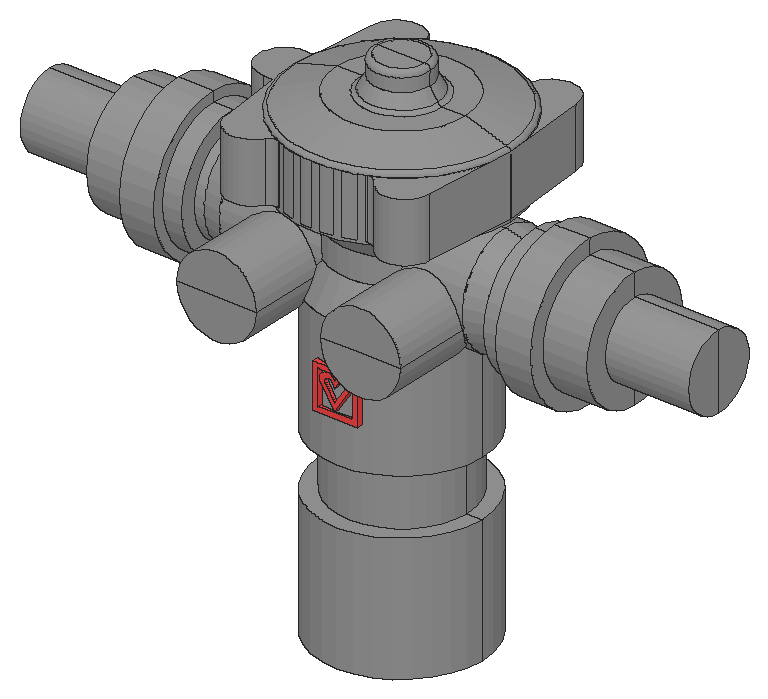
Revit family "Pressure independent control valve 4006_R_SMART_LF_MF", category Rohrzubehör, Revit 2018
Family settings
  Bemaßung runder Anschluss = Durchmesser verwenden
  Teiletyp = Unterbricht
  OmniClass-Nummer = 23.65.55.14
  OmniClass-Titel = Valves for Liquid Services
  Arbeitsebenenbasiert = Nein
  Immer vertikal = Ja
  Beim Laden mit Abzugskörper schneiden = Nein
  Gemeinsam genutzt = Nein
Parameters (values of type "LF")
  min. Operating temperature (pure water) = 2 °C  # constant formula
  min. Operating temperature (frost protection) = -20 °C  # constant formula
  max. Operating temperature up to DN32 = 130 °C  # constant formula
  max. Operating temperature from DN40 = 110 °C  # constant formula
  max. Operating pressure = 1600000.0 Pa  # constant formula
  VRL01 = 30.000 mm  # constant formula
  V12 = 17.000 mm  # constant formula
  V10 = 7.000 mm  # constant formula
  V09 [instance] = L06 + 4.000 mm  # 11.000 mm
  V04 [instance] = V08 + 3.000 mm  # 13.000 mm
  V03 [instance] = V08 + 5.000 mm  # 15.000 mm
  V02 [instance] = V01 + 4.500 mm  # 12.000 mm
  V01 [instance] = Nennweite / 2  # 7.500 mm
  URL = "www.herzvalves.com/"
  S09 = 10.000 mm
  S08 = 30.000 mm
  Pin = "stainless steel 14301"  # constant formula
  SCRNSEQ = "ARM;ARM_TYP=\"DURR\";2"
  SCRNCODE = "05;04;02"  # constant formula
  S07 [instance] = H03 + 3.700 mm  # 10.051 mm
  S04 [instance] = V03 * 2  # 30.000 mm
  S01 [instance] = L01 + L02 + (VRL01 * 2)  # 135.000 mm
  R17 [instance] = size_lookup("4006R_S_LF_MF", "R17", 12.500 mm, Nennweite)  # 12.500 mm
  R16 [instance] = size_lookup("4006R_S_LF_MF", "R16", 16.500 mm, Nennweite)  # 16.500 mm
  R15 = 7.225 mm  # constant formula
  R14 = 8.070 mm  # constant formula
  R13 = 3.496 mm  # constant formula
  R12 = 6.800 mm  # constant formula
  R11 = 9.620 mm  # constant formula
  R10 = 6.800 mm  # constant formula
  R09 = 16.292 mm  # constant formula
  R08 = 13.212 mm  # constant formula
  R07 = 18.816 mm  # constant formula
  R06 = 22.000 mm  # constant formula
  R05 = 12.954 mm  # constant formula
  R04 = 7.193 mm  # constant formula
  R03 = 5.755 mm  # constant formula
  R02 = 4.670 mm  # constant formula
  R01 [instance] = size_lookup("4006R_S_LF_MF", "R01", 11.000 mm, Nennweite)  # 11.000 mm
  PN = 16  # constant formula
  O-Rings = "EPDM"  # constant formula
  V08 [instance] = size_lookup("4006R_S_LF_MF", "N2", 10.000 mm, Nennweite)  # 10.000 mm
  Nennweite/2 [instance] = size_lookup("4006R_S_LF_MF", "N1", 8.000 mm, Nennweite)  # 9.000 mm
  Nennweite [instance] = 15.000 mm
  Membrane housing = "brass CW602N"  # constant formula
  Membrane = "EPDM"  # constant formula
  Medium = "water purity in accordance with the ÖNORM H5195 and VDI2035 standards\r\nthe use of ethylene and propylene glycol in a mixture ratio of 25 - 50% by volume [%] is permitted."
  MF [instance] = no
  Lift = 4.000 mm  # constant formula
  LF [instance] = yes
  L15 [instance] = size_lookup("4006R_S_LF_MF", "L15", 3.300 mm, Nennweite)  # 3.300 mm
  L14 [instance] = size_lookup("4006R_S_LF_MF", "L14", 43.477 mm, Nennweite)  # 43.477 mm
  L13 [instance] = size_lookup("4006R_S_LF_MF", "L13", 32.232 mm, Nennweite)  # 32.232 mm
  L12 [instance] = size_lookup("4006R_S_LF_MF", "L12", 6.497 mm, Nennweite)  # 6.497 mm
  L11 [instance] = size_lookup("4006R_S_LF_MF", "L11", 5.418 mm, Nennweite)  # 5.418 mm
  L10 [instance] = size_lookup("4006R_S_LF_MF", "L10", 12.434 mm, Nennweite)  # 12.434 mm
  L09 [instance] = size_lookup("4006R_S_LF_MF", "L09", 24.943 mm, Nennweite)  # 24.943 mm
  L08 [instance] = size_lookup("4006R_S_LF_MF", "L08", 28.260 mm, Nennweite)  # 28.260 mm
  L07 [instance] = size_lookup("4006R_S_LF_MF", "L07", 33.915 mm, Nennweite)  # 33.915 mm
  L06 = 7.000 mm  # constant formula
  L05 = 9.000 mm  # constant formula
  L04 = 21.000 mm  # constant formula
  L03 = 28.000 mm  # constant formula
  L02 = 34.000 mm  # constant formula
  L01 = 41.000 mm  # constant formula
  Capillary pipe = "copper Cu-DHP (CW024A)"  # constant formula
  Hersteller = "Herz-Armaturen GmbH"  # constant formula
  H04 = 12.000 mm  # constant formula
  H03 = 6.351 mm  # constant formula
  H02 [instance] = size_lookup("4006R_S_LF_MF", "H2", 69.000 mm, Nennweite)  # 69.000 mm
  H01 [instance] = size_lookup("4006R_S_LF_MF", "H1", 35.000 mm, Nennweite)  # 35.000 mm
  H [instance] = 112.553 mm  # constant formula
  Housing = "DZR brass CC770S"  # constant formula
  E20 = 108.221 mm  # constant formula
  E19 = 5.000 mm  # constant formula
  E18 = 5.150 mm  # constant formula
  E17 = 28.850 mm  # constant formula
  E16 = 23.700 mm  # constant formula
  E15 = 21.877 mm  # constant formula
  E14 = 20.506 mm  # constant formula
  E13 = 11.063 mm  # constant formula
  E12 = 9.001 mm  # constant formula
  E11 = 10.700 mm  # constant formula
  E10 = 20.427 mm  # constant formula
  E09 = 20.075 mm  # constant formula
  E08 = 20.825 mm  # constant formula
  E07 = 5.150 mm  # constant formula
  E06 = 17.921 mm  # constant formula
  E05 = 20.519 mm  # constant formula
  E04 = 19.704 mm  # constant formula
  E03 = 18.385 mm  # constant formula
  E02 = 20.014 mm  # constant formula
  E01 = 23.000 mm  # constant formula
  Spring = "spring steel"  # constant formula
  Bestellnummer Verschraubung [instance] = if(and(LF, Nennweite = 15.000 mm), 1621011, if(and(MF, Nennweite = 15.000 mm), 1621002, 0))  # 1621011
  Bestellnummer [instance] = if(and(LF, Nennweite = 15.000 mm), 1400660, if(and(MF, Nennweite = 15.000 mm), 1400669, 0))  # 1400660
  Protective cap = "plastic"  # constant formula
  B09 = 7.998 mm  # constant formula
  B08 = 26.000 mm  # constant formula
  B07 = 30.908 mm  # constant formula
  B06 = 39.471 mm  # constant formula
  B05 = 40.933 mm  # constant formula
  B04 = 41.901 mm  # constant formula
  B03 = 44.372 mm  # constant formula
  B02 = 45.400 mm  # constant formula
  B01 = 50.000 mm  # constant formula
  Application = "the Pressure Independent Balancing Control Valve (PIBCV) is used in all heating and cooling systems with circulation pumps.\r\nthe valve automatically maintains flow to the required part of the system at the set rate by measuring and immediately adjusting to any variation in pressure.\r\nno additional measurements are necessary and the correct flow rate is achieved at all operating conditions.\r\nthe diaphragm responds to the pressure upstream and downstream of the regulating valve (via an internal impulse line).\r\nthe valve settings directly affect the volumetric flow through the valve.\r\nit is thus possible to set the maximum flow rate based on the flow chart when the valve is fitted.\r\nthis allows for the balancing of heating circuits, cooling water systems, ceiling cooling and heating panels, air heaters, etc. without any need to first assess the pressure variations in the system.\r\nthe valve‘s principal application is as a control valve for terminal units."
Types (3, lengths in mm): name | URL | MF | LF | Bestellnummer Verschraubung | Bestellnummer
  (no name) | "www.herzvalves.com/" | no | yes | 1621011 | 1400660
  LF | "www.herzvalves.com/" | no | yes | 1621011 | 1400660
  MF | "http://www.herzvalves.com/" | yes | no | 1621002 | 1400669
Reference planes
  plane 1 "Mitte (Vorne/hinten)": y = 0
  plane 2: z = 0
  plane 3 "Mitte (Links/rechts)": x = 0
Forms (mm)
  Revolve 1, solid, material "Messing, weicher Gelbton, geschweißt", detail levels fine
    sketch origin (0, 0, 0) x (1, 0, 0) y (0, 0, 1)
      loop
        line (-41, 9) -> (-34, 9) -> (-34, 0) -> (27, 0) -> (27, 9) -> (34, 9) -> (34, 10) -> (25, 10) -> (21, 11) -> (-28, 11) -> (-32, 10) -> (-41, 10) -> (-41, 9)
      axis (-41, 0) -> (34, 0)
    angle from 0 to 360
  Revolve 2, solid, material "Messing, weicher Gelbton, geschweißt", detail levels fine
    sketch origin (0, 0, 0) x (1, 0, 0) y (0, 0, 1)
      loop
        line (0, -69) -> (16.292, -69) -> (16.292, -43.477) -> (13.212, -43.477) -> (13.212, -32.232) -> (16.292, -32.232) -> (16.292, -6.497) -> (13.212, 0.106) -> (13.212, 5.418) -> (18.816, 12.434) -> (22, 12.434) -> (22, 24.943)
        arc (22, 24.943) -> (21.752, 25.523) -> (21.223, 25.866) r 1.085
        line (21.223, 25.866) -> (12.954, 28.26) -> (8.134, 28.26)
        arc (8.134, 28.26) -> (7.591, 28.406) -> (7.193, 28.803) r 1.086
        line (7.193, 28.803) -> (5.755, 31.294) -> (5.755, 33.915)
        arc (5.755, 33.915) -> (5.437, 34.682) -> (4.67, 35) r 1.085
        line (4.67, 35) -> (0, 35) -> (0, -69)
      axis (0, 35) -> (0, -69)
    angle from 0 to 360
  Extrusion 3, solid, material "Messing, weicher Gelbton, geschweißt", detail levels fine
    sketch origin (0, 0, 28.917) x (1, 0, 0) y (0, 1, 0)
      loop
        arc (-20.506, 17.921) -> (-21.381, 11.556) -> (-21.877, 5.15) r 108.259
        line (-21.877, 5.15) -> (-23.7, 5.15)
        arc (-23.7, 5.15) -> (-27.342, 3.642) -> (-28.85, 0) r 5.15
        arc (-28.85, 0) -> (-27.342, -3.642) -> (-23.7, -5.15) r 5.15
        line (-23.7, -5.15) -> (-21.877, -5.15)
        arc (-21.877, -5.15) -> (-21.356, -11.79) -> (-20.427, -18.385) r 108.259
        arc (-20.427, -18.385) -> (-16.688, -23.223) -> (-11.063, -20.825) r 5
        arc (-11.063, -20.825) -> (-10.143, -20.146) -> (-9.001, -20.075) r 2.019
        arc (-9.001, -20.075) -> (0, -22.001) -> (9.001, -20.075) r 22.001
        arc (9.001, -20.075) -> (10.143, -20.145) -> (11.063, -20.825) r 2.019
        arc (11.063, -20.825) -> (16.688, -23.223) -> (20.427, -18.385) r 5
        arc (20.427, -18.385) -> (22, 0) -> (20.427, 18.385) r 108.221
        arc (20.427, 18.385) -> (16.253, 23.316) -> (10.7, 20.014) r 5
        arc (10.7, 20.014) -> (9.88, 19.699) -> (9.001, 19.704) r 2.379
        arc (9.001, 19.704) -> (0, 21.663) -> (-9.001, 19.704) r 21.663
        arc (-9.001, 19.704) -> (-10.161, 19.785) -> (-11.063, 20.519) r 1.927
        arc (-11.063, 20.519) -> (-16.774, 22.818) -> (-20.506, 17.921) r 5.079
    from -15.973 to -3.973
  Revolve 4, solid, material "Messing, weicher Gelbton, geschweißt", detail levels fine
    sketch origin (0, 0, -3.3) x (1, 0, 0) y (0, 1, 0)
      loop
        line (-16.5, -26) -> (-16.5, -7.998) -> (-24.57, -7.998) -> (-24.57, -26) -> (-16.5, -26)
      axis (-16.5, -7.998) -> (-16.5, -26)
    angle from 0 to 360
  Revolve 5, solid, material "Messing, weicher Gelbton, geschweißt", detail levels fine
    sketch origin (-4, 0, -3.3) x (-1, 0, 0) y (0, -1, 0)
      loop
        line (-16.5, 26) -> (-24.57, 26) -> (-24.57, 7.998) -> (-16.5, 7.998) -> (-16.5, 26)
      axis (-16.5, 7.998) -> (-16.5, 26)
    angle from 0 to 360
  Revolve 6, solid, material "Messing, weicher Gelbton, geschweißt", detail levels fine
    sketch origin (0, 0, 0) x (1, 0, 0) y (0, 0, 1)
      loop
        line (34, 0) -> (64, 0) -> (64, 7.5) -> (47, 7.5) -> (47, 12) -> (38, 12) -> (38, 15) -> (31, 15) -> (31, 13) -> (27, 13) -> (27, 10) -> (34, 10) -> (34, 0)
      axis (27, 0) -> (64, 0)
    angle from 0 to 360
  Revolve 7, solid, material "Messing, weicher Gelbton, geschweißt", detail levels fine
    sketch origin (-7, 0, 0) x (-1, 0, 0) y (0, 0, -1)
      loop
        line (34, 0) -> (34, -10) -> (27, -10) -> (27, -13) -> (31, -13) -> (31, -15) -> (38, -15) -> (38, -12) -> (47, -12) -> (47, -7.5) -> (64, -7.5) -> (64, 0) -> (34, 0)
      axis (27, 0) -> (64, 0)
    angle from 0 to 360
Lines and regions (mm)
  model lines, detail levels coarse+medium
    curve 1: line (67.5, -15, 0) -> (67.5, 15, 0)
    curve 2: line (67.5, 15, 0) -> (-67.5, -15, 0)
    curve 3: line (-67.5, -15, 0) -> (-67.5, 15, 0)
    curve 4: line (-67.5, 15, 0) -> (67.5, -15, 0)
    curve 5: line (-67.5, 14.673, 0) -> (0, -12.434, 0)
    curve 6: line (0, -12.434, 0) -> (67.5, 14.673, 0)
    curve 7: line (0, -12.434, 0) -> (0, -24.949, 0)
    curve 8: spline (-22, -29.974, 0) -> (-21.25, -28.674, 0) -> (-19.053, -27.462, 0) -> (-15.556, -26.421, 0) -> (-11, -25.622, 0) -> (-5.694, -25.12, 0) -> (0, -24.949, 0) -> (5.694, -25.12, 0) -> (11, -25.622, 0) -> (15.556, -26.421, 0) -> (19.053, -27.462, 0) -> (21.25, -28.674, 0) -> (22, -29.975, 0) -> (21.25, -31.275, 0) -> (19.053, -32.487, 0) -> (15.556, -33.528, 0) -> (11, -34.327, 0) -> (5.694, -34.829, 0) -> (0, -35, 0) -> (-5.694, -34.829, 0) -> (-11, -34.327, 0) -> (-15.556, -33.528, 0) -> (-19.053, -32.487, 0) -> (-21.25, -31.275, 0) -> (-22, -29.974, 0)
    curve 9: line (-67.5, 0, 15) -> (-67.5, 0, -15)
    curve 10: line (-67.5, 0, -15) -> (67.5, 0, 15)
    curve 11: line (67.5, 0, 15) -> (67.5, 0, -15)
    curve 12: line (67.5, 0, -15) -> (-67.5, 0, 15)
    curve 13: line (67.5, 0, -14.975) -> (0, 0, 12.434)
    curve 14: line (0, 0, 12.434) -> (-67.5, 0, -15)
    curve 15: line (0, 0, 12.434) -> (0, 0, 24.949)
    curve 16: spline (-22, 0, 29.975) -> (-21.25, 0, 31.275) -> (-19.053, 0, 32.487) -> (-15.556, 0, 33.528) -> (-11, 0, 34.327) -> (-5.694, 0, 34.829) -> (0, 0, 35) -> (5.694, 0, 34.829) -> (11, 0, 34.327) -> (15.556, 0, 33.528) -> (19.053, 0, 32.487) -> (21.25, 0, 31.275) -> (22, 0, 29.974) -> (21.25, 0, 28.674) -> (19.053, 0, 27.462) -> (15.556, 0, 26.421) -> (11, 0, 25.622) -> (5.694, 0, 25.12) -> (0, 0, 24.949) -> (-5.694, 0, 25.12) -> (-11, 0, 25.622) -> (-15.556, 0, 26.421) -> (-19.053, 0, 27.462) -> (-21.25, 0, 28.674) -> (-22, 0, 29.975)
  model lines
    curve 17: line (-67.5, 0, 15) -> (-77.5, 0, 15)
    curve 18: line (-77.5, 0, 15) -> (-67.5, 0, 0)
    curve 19: line (67.5, 0, 15) -> (77.5, 0, 15)
    curve 20: line (77.5, 0, 15) -> (67.5, 0, 0)
    curve 21: line (-67.5, 0, -15) -> (-77.5, 0, -15)
    curve 22: line (-77.5, 0, -15) -> (-67.5, 0, 0)
    curve 23: line (-67.5, 0, 0) -> (-97.5, 0, 0)
    curve 24: line (67.5, 0, -15) -> (77.5, 0, -15)
    curve 25: line (77.5, 0, -15) -> (67.5, 0, 0)
    curve 26: line (67.5, 0, 0) -> (97.5, 0, 0)
Dimensions and locks
  "H02": level to Revolve 2 sketch curve
  "L01": plane 3 "Mitte (Links/rechts)" to Revolve 1 sketch curve
  "V08": Revolve 1 sketch curve to Revolve 1 sketch curve  (x2)
  "Nennweite/2": Revolve 1 sketch curve to Revolve 1 sketch curve  (x2)
  "E01": plane 1 "Mitte (Vorne/hinten)" to Extrusion 3 sketch curve
  "L03": plane 3 "Mitte (Links/rechts)" to Revolve 1 sketch curve
  "L04": Revolve 1 sketch curve to plane 3 "Mitte (Links/rechts)"
  "L05": Revolve 1 sketch curve to Revolve 1 sketch curve  (x2)
  "L06": Revolve 1 sketch curve to Revolve 1 sketch curve  (x2)
  "L02": Revolve 1 sketch curve to plane 3 "Mitte (Links/rechts)"
  "H01": Revolve 2 sketch curve to level
  "R02": Revolve 2 sketch curve to Revolve 2 sketch curve
  "R03": Revolve 2 sketch curve to Revolve 2 sketch curve
  "R04": Revolve 2 sketch curve to Revolve 2 sketch curve
  "R05": Revolve 2 sketch curve to Revolve 2 sketch curve
  "R06": Revolve 2 sketch curve to Revolve 2 sketch curve
  "R07": Revolve 2 sketch curve to Revolve 2 sketch curve
  "R08": Revolve 2 sketch curve to Revolve 2 sketch curve  (x2)
  "R09": Revolve 2 sketch curve to Revolve 2 sketch curve  (x2)
  "L07": Revolve 2 sketch curve to plane 2
  "L08": Revolve 2 sketch curve to plane 2
  "L09": Revolve 2 sketch curve to plane 2
  "L10": Revolve 2 sketch curve to plane 2
  "L11": Revolve 2 sketch curve to plane 2
  "L12": plane 2 to Revolve 2 sketch curve
  "L13": plane 2 to Revolve 2 sketch curve
  "L14": plane 2 to Revolve 2 sketch curve
  "B08": plane 1 "Mitte (Vorne/hinten)" to Revolve 4 sketch curve
  "B09": Revolve 4 sketch curve to plane 1 "Mitte (Vorne/hinten)"
  "E02": plane 1 "Mitte (Vorne/hinten)" to Extrusion 3 sketch curve
  "E03": plane 1 "Mitte (Vorne/hinten)" to Extrusion 3 sketch curve
  "E04": plane 1 "Mitte (Vorne/hinten)" to Extrusion 3 sketch curve  (x2)
  "E05": plane 1 "Mitte (Vorne/hinten)" to Extrusion 3 sketch curve
  "E06": plane 1 "Mitte (Vorne/hinten)" to Extrusion 3 sketch curve
  "E07": plane 1 "Mitte (Vorne/hinten)" to Extrusion 3 sketch curve  (x2)
  "E03": Extrusion 3 sketch curve to plane 1 "Mitte (Vorne/hinten)"  (x2)
  "E08": Extrusion 3 sketch curve to plane 1 "Mitte (Vorne/hinten)"  (x2)
  "E09": Extrusion 3 sketch curve to plane 1 "Mitte (Vorne/hinten)"  (x2)
  "E07": Extrusion 3 sketch curve to plane 1 "Mitte (Vorne/hinten)"
  "E10": plane 3 "Mitte (Links/rechts)" to Extrusion 3 sketch curve  (x2)
  "E11": plane 3 "Mitte (Links/rechts)" to Extrusion 3 sketch curve
  "E12": plane 3 "Mitte (Links/rechts)" to Extrusion 3 sketch curve  (x2)
  "E12": Extrusion 3 sketch curve to plane 3 "Mitte (Links/rechts)"  (x2)
  "E13": Extrusion 3 sketch curve to plane 3 "Mitte (Links/rechts)"  (x2)
  "E14": Extrusion 3 sketch curve to plane 3 "Mitte (Links/rechts)"
  "E15": Extrusion 3 sketch curve to plane 3 "Mitte (Links/rechts)"  (x2)
  "E16": Extrusion 3 sketch curve to plane 3 "Mitte (Links/rechts)"  (x2)
  "E17": Extrusion 3 sketch curve to plane 3 "Mitte (Links/rechts)"
  "E10": Extrusion 3 sketch curve to plane 3 "Mitte (Links/rechts)"
  "E13": plane 3 "Mitte (Links/rechts)" to Extrusion 3 sketch curve
  "H03": Revolve 2 to Extrusion 3
  "H04": Extrusion 3 to Extrusion 3
  "R01": Revolve 1 sketch curve to Revolve 1 sketch curve
  "R16": Revolve 4 sketch curve to plane 3 "Mitte (Links/rechts)"
  "R17": plane 3 "Mitte (Links/rechts)" to Revolve 5 sketch curve
  "L06": Revolve 6 sketch curve to Revolve 6 sketch curve
  "V09": Revolve 6 sketch curve to Revolve 6 sketch curve
  "V10": Revolve 6 sketch curve to Revolve 6 sketch curve
  "V12": Revolve 6 sketch curve to Revolve 6 sketch curve
  "V01": Revolve 6 sketch curve to plane 2
  "V02": Revolve 6 sketch curve to plane 2
  "V08": Revolve 6 sketch curve to plane 2
  "V04": Revolve 6 sketch curve to plane 2
  "V03": Revolve 6 sketch curve to plane 2
  "L02": plane 3 "Mitte (Links/rechts)" to Revolve 6 sketch curve
  "L06": Revolve 7 sketch curve to Revolve 7 sketch curve
  "V09": Revolve 7 sketch curve to Revolve 7 sketch curve
  "V10": Revolve 7 sketch curve to Revolve 7 sketch curve
  "V12": Revolve 7 sketch curve to Revolve 7 sketch curve
  "V01": Revolve 7 sketch curve to plane 2
  "V02": Revolve 7 sketch curve to plane 2
  "V08": Revolve 7 sketch curve to plane 2
  "V04": Revolve 7 sketch curve to plane 2
  "V03": Revolve 7 sketch curve to plane 2
  "L01": Revolve 7 sketch curve to plane 3 "Mitte (Links/rechts)"
  "VRL01": Revolve 7 sketch curve to Revolve 7 sketch curve
  "VRL01": Revolve 6 sketch curve to Revolve 6 sketch curve
  equal spacing: curve 3, plane 3 "Mitte (Links/rechts)", curve 1
  "S01": curve 3 to curve 1
  "S04": curve 2 to curve 4
  "S04": curve 4 to curve 3
  "L10": curve 7 to plane 1 "Mitte (Vorne/hinten)"
  "R06": curve 8 to plane 3 "Mitte (Links/rechts)" to curve 8
  "S07": curve 8 to curve 8
  "H01": curve 8 to plane 1 "Mitte (Vorne/hinten)"
  equal spacing: curve 3, plane 1 "Mitte (Vorne/hinten)", curve 4
  equal spacing: curve 4, plane 1 "Mitte (Vorne/hinten)", curve 2
  "S01": curve 9 to curve 11
  "S04": curve 12 to curve 14
  "S04": curve 11 to curve 12
  equal spacing: curve 9, plane 3 "Mitte (Links/rechts)", curve 11
  equal spacing: curve 11, plane 2, curve 12
  equal spacing: curve 12, plane 2, curve 14
  "R06": curve 16 to plane 3 "Mitte (Links/rechts)" to curve 16
  "L10": curve 15 to plane 2
  "H01": curve 16 to plane 2
  "S07": curve 16 to curve 16
  "S09": curve 18 to curve 9
  "S09": curve 22 to curve 9
  "S08": curve 23 to curve 9
  "V03": curve 17 to plane 2 to curve 21
  "S09": curve 11 to curve 20
  "S09": curve 11 to curve 25
  "S08": curve 11 to curve 26
  "V03": curve 19 to plane 2 to curve 24
  "E18": radius of Extrusion 3 sketch curve  (x2)
  "E19": radius of Extrusion 3 sketch curve  (x3)
  "E20": radius of Extrusion 3 sketch curve
  aligned and locked: level to plane 2
Automatic sketch dimensions
  curve 22 to level = 0.000 mm
  curve 20 to level = 0.000 mm
  curve 17 to curve 22 = 10.000 mm
  curve 20 to curve 19 = 10.000 mm
  curve 17 to curve 17 = 10.000 mm
  curve 21 to curve 21 = 10.000 mm
  curve 24 to curve 24 = 10.000 mm
  curve 19 to curve 19 = 10.000 mm
  curve 6 to plane 3 "Mitte (Links/rechts)" = 0.000 mm
  curve 6 to curve 1 = 0.327 mm
  curve 5 to curve 3 = 0.327 mm
  Revolve 1 sketch curve to level = 0.000 mm  (x2)
  Revolve 1 sketch curve to Revolve 1 sketch curve = 1307.458 mm
  Revolve 1 sketch curve to Revolve 1 sketch curve = 1854.450 mm
  Revolve 2 sketch curve to plane 3 "Mitte (Links/rechts)" = 0.000 mm  (x2)
  Revolve 2 sketch curve to Revolve 2 sketch curve = 0.941 mm
  Revolve 2 sketch curve to Revolve 2 sketch curve = 1.078 mm
  Revolve 2 sketch curve to Revolve 2 sketch curve = 0.302 mm
  level to Revolve 2 sketch curve = 0.106 mm
  Revolve 2 sketch curve to Revolve 2 sketch curve = 0.119 mm
  Revolve 2 sketch curve to Revolve 2 sketch curve = 0.543 mm
  Revolve 2 sketch curve to Revolve 2 sketch curve = 2.621 mm
  Revolve 2 sketch curve to Revolve 2 sketch curve = 297.045 mm
  Revolve 2 sketch curve to Revolve 2 sketch curve = 2179.315 mm
  Extrusion 3 sketch curve to Extrusion 3 sketch curve = 0.000 mm  (x4)
  plane 1 "Mitte (Vorne/hinten)" to Extrusion 3 sketch curve = 0.000 mm
  Extrusion 3 sketch curve to Extrusion 3 sketch curve = 1.610 mm  (x2)
  Extrusion 3 sketch curve to Extrusion 3 sketch curve = 0.451 mm
  Extrusion 3 sketch curve to Extrusion 3 sketch curve = 0.452 mm
  Revolve 4 sketch curve to Revolve 4 sketch curve = 0.000 mm  (x3)
  Revolve 4 sketch curve to Revolve 4 sketch curve = 8.070 mm
  Revolve 5 sketch curve to Revolve 5 sketch curve = 0.000 mm  (x3)
  Revolve 5 sketch curve to Revolve 5 sketch curve = 8.070 mm
  plane 1 "Mitte (Vorne/hinten)" to Revolve 5 sketch curve = 7.998 mm
  Revolve 5 sketch curve to Revolve 5 sketch curve = 18.002 mm
  Revolve 6 sketch curve to level = 0.000 mm  (x2)
  Revolve 6 sketch curve to Revolve 6 sketch curve = 0.000 mm  (x2)
  Revolve 7 sketch curve to level = 0.000 mm  (x2)
  Revolve 7 sketch curve to Revolve 7 sketch curve = 0.000 mm  (x2)
  curve 14 to plane 3 "Mitte (Links/rechts)" = 0.000 mm
  curve 10 to curve 14 = 0.000 mm
  curve 11 to curve 13 = 0.025 mm
Nested families
  nested 1: "Herz-Logo-vorne" at (0, -16.056, -19.148) x (0, 1, 0) z (0, 0, 1), type "Herz-Logo-vorne", detail levels fine
Connectors
  piping at (64, 0, 0), diameter 15, driven by "Nennweite"
    settings: on Revolve 6, index 1, connector inside diameter 609.6 mm, connector length 0.000 mm, flow factor 0, pipe flow 0.0 L/s, pressure drop 0.0 Pa, fitting loss kfactor 0, connector angle 0.00°, fixture units 0, engagement length 0.000 mm, angle of deflection 0.00°, flow configuration 0, flow direction 2, fitting loss method 0, system type 29, joint type 0, gender type 0, connector reference index -1, connector utility 0, adjustable connector no, is connector primary yes, connector description ""
  piping at (-71, 0, 0), diameter 15, driven by "Nennweite"
    settings: on Revolve 7, index 2, connector inside diameter 609.6 mm, connector length 0.000 mm, flow factor 0, pipe flow 0.0 L/s, pressure drop 0.0 Pa, fitting loss kfactor 0, connector angle 0.00°, fixture units 0, engagement length 0.000 mm, angle of deflection 0.00°, flow configuration 0, flow direction 1, fitting loss method 0, system type 29, joint type 0, gender type 0, connector reference index -1, connector utility 0, adjustable connector no, is connector primary no, connector description ""
Definition of nested family "Herz-Logo-vorne"
  Reference planes
    plane 1 "Mitte (Vorne/hinten)": y = 0
    plane 2: z = 0
    plane 3 "Mitte (Links/rechts)": x = 0
  Forms (mm)
    Extrusion 1, solid
      sketch origin (0.732, -0.018, 0.017) x (0, -1, 0) y (0, 0, 1)
        loop
          line (-0.018, -4.517) -> (4.482, -4.517) -> (4.482, 4.483) -> (-4.518, 4.483) -> (-4.518, -4.517) -> (-0.018, -4.517)
        loop
          line (-0.05, -3.48) -> (3.482, -3.48) -> (3.482, 3.483) -> (-3.518, 3.483) -> (-3.518, -3.48) -> (-0.05, -3.48)
        loop
          arc (-0.018, 2.383) -> (-1.543, 3.287) -> (-3.067, 2.383) r 1.738
          arc (-3.067, 2.383) -> (-3.191, 1.899) -> (-3.067, 1.415) r 1.009
          line (-3.067, 1.415) -> (-0.018, -3.281) -> (3.032, 1.415)
          arc (3.032, 1.415) -> (3.156, 1.899) -> (3.032, 2.383) r 1.009
          arc (3.032, 2.383) -> (1.507, 3.287) -> (-0.018, 2.383) r 1.738
        loop
          arc (1.885, 1.272) -> (2.005, 1.675) -> (1.885, 2.079) r 0.74
          arc (1.885, 2.079) -> (1.265, 2.416) -> (0.644, 2.079) r 0.74
          line (0.644, 2.079) -> (-0.018, 0.97) -> (-0.679, 2.079)
          arc (-0.679, 2.079) -> (-1.3, 2.416) -> (-1.921, 2.079) r 0.74
          arc (-1.921, 2.079) -> (-2.04, 1.675) -> (-1.921, 1.272) r 0.74
          line (-1.921, 1.272) -> (-0.018, -1.658) -> (1.885, 1.272)
      from 0 to 1.5
  Dimensions and locks
    aligned and locked: level to plane 2
